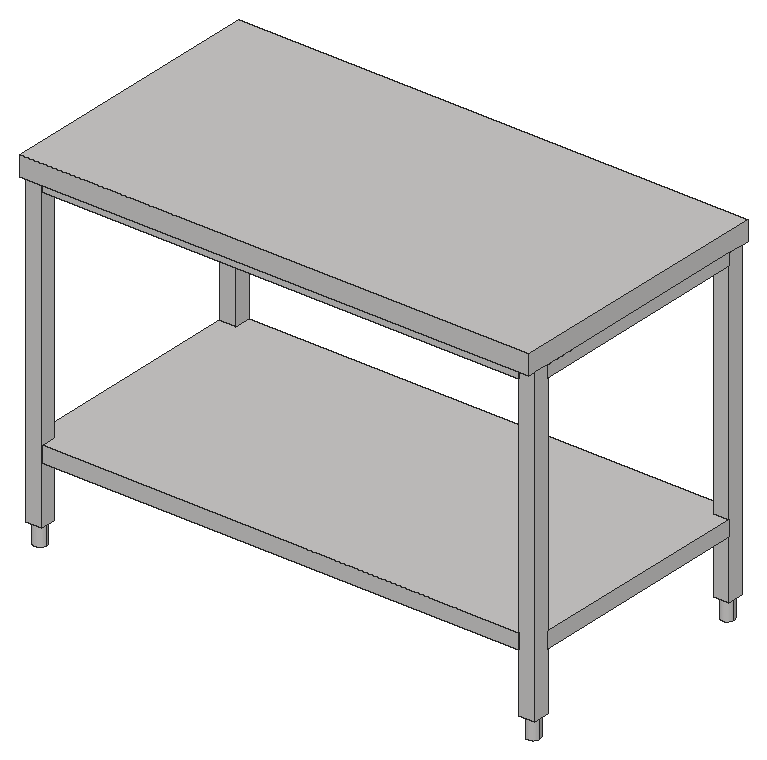
Revit family "QF_ELECTROLUXPROFESSIONAL_134085_LSGTG1300E", category Attrezzature speciali, Revit 2020
Family settings
  Quota connettore circolare = Usa diametro
  Tipo di parte = Normale
  Basato su piano di lavoro = No
  Sempre verticale = Sì
  Taglio con vuoti quando caricato = No
  Condiviso = No
  Punto di calcolo locali = No
Parameters (values of type "Standard")
  Weight = 43.50 kg
  Watts = 0 W
  Volts = 0 V
  URL Manufacturer = "https://www.electroluxprofessional.com/"
  URL = "https://www.electroluxprofessional.com/"
  Steam Supply Size = 0 mm
  Steam Supply Minimum Pressure = 0.0 Pa
  Steam Supply Maximum Pressure = 0.0 Pa
  Steam Consumption per Hour = 0
  Refrigeration Suction Line Size = 0.0 mm
  Refrigeration Liquid Line Size = 0.0 mm
  Refrigerant Compressor Remote = yes
  Prospetto di default = 0.0 mm
  Produttore = "Electrolux Professional"
  Phase = 0
  Modello = "LSGTG1300E"
  Length Actual = 1300.0 mm  # constant formula
  Item Number = "134085"
  Hot Water Size = 0 mm
  Height Actual = 900.0 mm  # constant formula
  HP = "0 HP"
  Gas Size = 0 mm
  Gas KW = 0
  Gas Input Pressure = 0 W
  Direct Waste Size = 0 mm
  Descrizione = "WORK TABLE 1300 MM WITH LOWER SHELF"
  Depth Actual = 700.0 mm  # constant formula
  Cycle = 0 Hz
  Condensate Return Size = 0 mm
  Compressed Air Volume = 0.0 L/s
  Compressed Air Size = 0 mm
  Compressed Air Pressure = 0.0 Pa
  Cold Water Size = 0 mm
  Accessory = yes
Reference planes
  plane 1 "Center (Front/Back)": y = 0
  plane 2: z = 0
  plane 3 "Center (Left/Right)": x = -150
  plane 4 "LEFT": x = -800
  plane 5 "RIGHT": x = 500
  plane 6 "BACK": y = 350
  plane 7 "FRONT": y = -350
  plane 8 "Base": z = 850
  plane 9 "TOP": z = 900
  plane 10: x = -780
  plane 11: x = 480
  plane 12: y = 310
  plane 13: y = -310
  plane 14 "TRAVERSI": z = 820
  plane 15: x = -760
  plane 16: x = 460
  plane 17: y = 290
  plane 18: y = -290
  plane 19: y = 330
  plane 20: y = -330
  plane 21 "Plane": z = 200
Forms (mm)
  Extrusion 1, solid, material "QF_Finishes_Stainless Steel"
    sketch origin (-150, 0, 0) x (0, 1, 0) y (0, 0, 1)
      loop
        line (-350, 850) -> (350, 850) -> (350, 900) -> (-350, 900) -> (-350, 850)
    from 650 to -650
  Extrusion 2, solid, material "QF_Finishes_Stainless Steel"
    sketch origin (0, 0, 820) x (0, 1, 0) y (-1, 0, 0)
      loop
        line (290, -460) -> (-290, -460) -> (-290, -500) -> (290, -500) -> (290, -460)
      loop
        line (290, 800) -> (-290, 800) -> (-290, 760) -> (290, 760) -> (290, 800)
    from 0 to 30
  Extrusion 3, solid, material "QF_Finishes_Stainless Steel"
    sketch origin (0, 0, 820) x (0, 1, 0) y (-1, 0, 0)
      loop
        line (330, -460) -> (330, 760) -> (290, 760) -> (290, -460) -> (330, -460)
      loop
        line (-290, 760) -> (-330, 760) -> (-330, -460) -> (-290, -460) -> (-290, 760)
    from 0 to 30
  Extrusion 4, solid, material "QF_Finishes_Stainless Steel"
    sketch origin (0, 0, 200) x (0, 1, 0) y (-1, 0, 0)
      loop
        line (290, 800) -> (-290, 800) -> (-290, 760) -> (-330, 760) -> (-330, -460) -> (-290, -460) -> (-290, -500) -> (290, -500) -> (290, -460) -> (330, -460) -> (330, 760) -> (290, 760) -> (290, 800)
    from 0 to 40
Lines and regions (mm)
  symbolic lines
    curve 1: line (500, 350, 900) -> (-800, 350, 900)
    curve 2: line (-800, 350, 900) -> (-800, -350, 900)
    curve 3: line (-800, -350, 900) -> (500, -350, 900)
    curve 4: line (500, -350, 900) -> (500, 350, 900)
Dimensions and locks
  plane 4 "LEFT" to plane 5 "RIGHT" = 1300.0 mm
  equal spacing: plane 4 "LEFT", plane 3 "Center (Left/Right)", plane 5 "RIGHT"
  locked: plane 8 "Base" to level at 850
  plane 4 "LEFT" to plane 10 = 20.0 mm
  plane 11 to plane 5 "RIGHT" = 20.0 mm
  plane 10 to plane 11 = 1260.0 mm
  locked: plane 9 "TOP" to level at 900
  plane 6 "BACK" to plane 12 = 40.0 mm
  plane 13 to plane 7 "FRONT" = 40.0 mm
  plane 6 "BACK" to plane 7 "FRONT" = 700.0 mm
  plane 12 to plane 13 = 620.0 mm
  equal spacing: plane 6 "BACK", plane 1 "Center (Front/Back)", plane 7 "FRONT"
  plane 8 "Base" to plane 14 "TRAVERSI" = 30.0 mm
  locked: plane 10 to plane 15 at 20
  locked: plane 16 to plane 11 at 20
  locked: plane 19 to plane 12 at 20
  locked: plane 12 to plane 17 at 20
  locked: plane 18 to plane 13 at 20
  locked: plane 13 to plane 20 at 20
  plane 21 "Plane" to level = 200.0 mm
  aligned and locked: level to plane 2
  aligned and locked: plane 10 to nested 1
  aligned and locked: nested 1 to plane 13
  aligned and locked: plane 11 to nested 2
  aligned and locked: nested 2 to plane 13
  aligned and locked: plane 11 to nested 4
  aligned and locked: nested 4 to plane 12
  aligned and locked: plane 10 to nested 3
  aligned and locked: nested 3 to plane 12
  aligned and locked: Extrusion 1 to plane 4 "LEFT"
  aligned and locked: plane 5 "RIGHT" to Extrusion 1
  aligned and locked: curve 2 to plane 4 "LEFT"
  aligned and locked: Extrusion 2 sketch curve to plane 5 "RIGHT"
  aligned and locked: Extrusion 2 sketch curve to plane 17  (x2)
  aligned and locked: plane 16 to Extrusion 2 sketch curve
  aligned and locked: plane 18 to Extrusion 2 sketch curve  (x2)
  aligned and locked: plane 4 "LEFT" to Extrusion 2 sketch curve
  aligned and locked: Extrusion 2 sketch curve to plane 15
  aligned and locked: plane 19 to Extrusion 3 sketch curve
  aligned and locked: Extrusion 3 sketch curve to plane 17
  aligned and locked: Extrusion 3 sketch curve to plane 18
  aligned and locked: plane 20 to Extrusion 3 sketch curve
  aligned and locked: Extrusion 3 sketch curve to plane 15
  aligned and locked: plane 15 to Extrusion 3 sketch curve
  aligned and locked: plane 16 to Extrusion 3 sketch curve
  aligned and locked: Extrusion 3 sketch curve to plane 16
  aligned and locked: Extrusion 4 sketch curve to plane 19
  aligned and locked: Extrusion 4 sketch curve to plane 5 "RIGHT"
  aligned and locked: Extrusion 4 sketch curve to plane 20
  aligned and locked: plane 4 "LEFT" to Extrusion 4 sketch curve
  aligned and locked: Extrusion 4 sketch curve to plane 17  (x2)
  aligned and locked: plane 15 to Extrusion 4 sketch curve
  aligned and locked: Extrusion 4 sketch curve to plane 16
  aligned and locked: Extrusion 4 sketch curve to plane 18  (x2)
  aligned and locked: plane 16 to Extrusion 4 sketch curve
  aligned and locked: Extrusion 4 sketch curve to plane 15
Automatic sketch dimensions
  Extrusion 1 sketch curve to plane 7 "FRONT" = 0.0 mm
  Extrusion 1 sketch curve to plane 8 "Base" = 0.0 mm
  curve 3 to plane 7 "FRONT" = 0.0 mm
  curve 4 to plane 6 "BACK" = 0.0 mm
  Extrusion 1 sketch curve to plane 9 "TOP" = 0.0 mm
  Extrusion 1 sketch curve to plane 6 "BACK" = 0.0 mm
  curve 4 to plane 5 "RIGHT" = 0.0 mm
Nested families
  nested 1: "FEET_40x40_P50" at (-780, -310, 0), type "FEET_40x40_P50"
  nested 2: "FEET_40x40_P50" at (480, -310, 0), type "FEET_40x40_P50"
  nested 3: "FEET_40x40_P50" at (-780, 310, 0), type "FEET_40x40_P50"
  nested 4: "FEET_40x40_P50" at (480, 310, 0), type "FEET_40x40_P50"
Definition of nested family "FEET_40x40_P50"
  Parameters
    Default Elevation = 0.0 mm
    FEET = 850.0 mm
  Reference planes
    plane 1 "Center (Front/Back)": y = 0
    plane 2: z = 0
    plane 3 "Center (Left/Right)": x = 0
    plane 4: z = 850
  Forms (mm)
    Extrusion 1, solid
      sketch origin (0, 0, 0) x (1, 0, 0) y (0, 1, 0)
        loop
          line (-20, -20) -> (20, -20) -> (20, 20) -> (-20, 20) -> (-20, -20)
      from 50 to 850
    Extrusion 2, solid
      sketch origin (0, 0, 0) x (1, 0, 0) y (0, 1, 0)
        loop
          circle (0, 0) r 16
      from 0 to 50
  Lines and regions (mm)
    symbolic lines
      curve 1: line (0, -1.503, 0) -> (0, 1.508, 0)
      curve 2: line (1.561, 0, 0) -> (-1.439, 0, 0)
  Dimensions and locks
    "FEET": plane 4 to plane 2
    aligned and locked: level to plane 2
  Automatic sketch dimensions
    Extrusion 1 sketch curve to plane 3 "Center (Left/Right)" = 20.0 mm
    plane 3 "Center (Left/Right)" to Extrusion 1 sketch curve = 20.0 mm
    plane 1 "Center (Front/Back)" to Extrusion 1 sketch curve = 20.0 mm
    Extrusion 1 sketch curve to plane 1 "Center (Front/Back)" = 20.0 mm
    plane 1 "Center (Front/Back)" to Extrusion 2 sketch curve = 0.0 mm
    Extrusion 2 sketch curve to plane 3 "Center (Left/Right)" = 0.0 mm
    plane 1 "Center (Front/Back)" to curve 2 = 0.0 mm
    curve 1 to plane 3 "Center (Left/Right)" = 0.0 mm
    curve 2 to plane 3 "Center (Left/Right)" = 1.439 mm
    plane 3 "Center (Left/Right)" to curve 2 = 1.561 mm
    plane 1 "Center (Front/Back)" to curve 1 = 1.503 mm
    curve 1 to plane 1 "Center (Front/Back)" = 1.508 mm
    radius of Extrusion 2 sketch curve = 16.0 mm
